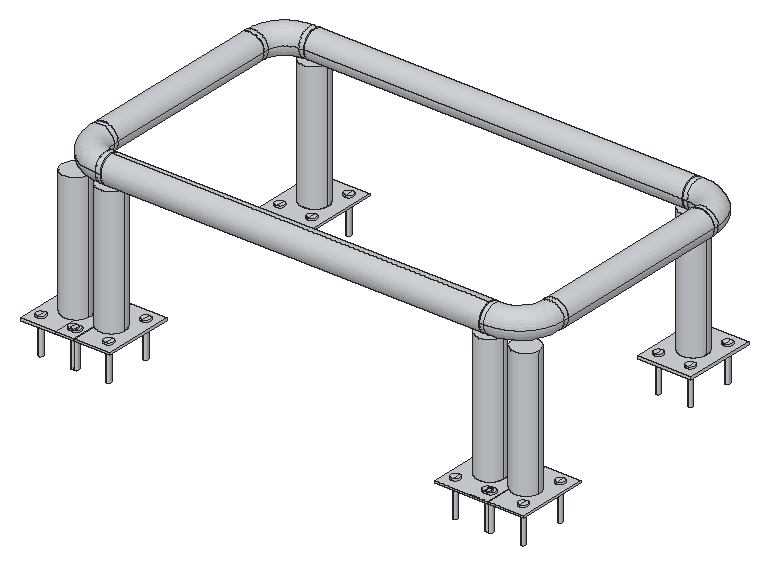
Revit family "АВЛН_Колесоотбойник", category Каркас несущий, Revit 2019
Family settings
  Округление длины несущего каркаса = 0 мм
  Форма сечения = Не задано
  Материал для поведения модели = Прочее
  Всегда экспортировать в виде геометрии = Нет
  На основе рабочей плоскости = Нет
  Всегда вертикально = Да
  При загрузке вырезать с полостями = Нет
  Условное обозначение = Из семейства
  Общий = Нет
  Показывать семейство разрезанным на планах = Да
Parameters (values of type "Тип_колесоотб._ 1300*750")
  Ширина вспомогательная = ADSK_Размер_Ширина - r.профиля  # 712 mm
  Соединительная деталь право верх = yes
  Соединительная деталь право = yes
  Соединительная деталь лево верх = yes
  Соединительная деталь лево = yes
  Профиль право = yes
  Профиль низ = yes
  Профиль лево = yes
  Профиль верх = yes
  Ось право = no
  Ось низ = yes
  Ось лево = yes
  Ось верх = no
  Опора тип 6 = yes
  Опора тип 1 = no
  Опора право = yes
  Опора лево = yes
  Опора верх право = yes
  Опора верх лево = yes
  Длина вспомогательная = ADSK_Размер_Длина - r.профиля  # 1262 mm
  Группа модели = "Колесоотбойник"
  Высота вспомогательная = ADSK_Размер_Высота - r.профиля  # 362 mm
  r.профиля = 38 mm  # constant formula
  ADSK_Размер_Ширина = 750 mm
  ADSK_Размер_Длина = 1300 mm
  ADSK_Размер_Диаметр [instance] = r.профиля * 2  # 76 mm
  ADSK_Размер_Высота = 400 mm
Types (11, lengths in mm): name | Ширина вспомогательная | Соединительная деталь право верх | Соединительная деталь право | Соединительная деталь лево верх | Соединительная деталь лево | Профиль право | Профиль низ | Профиль лево | Профиль верх | Ось право | Ось низ | Ось лево | Опора тип 6 | Опора тип 1 | Опора право | Опора лево | Опора верх право | Опора верх лево | Длина вспомогательная | Группа модели | Высота вспомогательная | ADSK_Размер_Ширина | ADSK_Размер_Длина | ADSK_Размер_Высота
  Тип 1 | 1300 | no | no | no | no | no | yes | no | no | no | yes | yes | no | yes | no | no | no | no | 3000 | 0 | 84 | 1338 | 3038 | 122
  Тип 2 | 1462 | yes | yes | yes | yes | yes | yes | yes | yes | no | yes | yes | no | no | yes | yes | yes | yes | 2462 | 0 | 362 | 1500 | 2500 | 400
  Тип 3 | 1300 | yes | yes | yes | yes | yes | yes | yes | no | no | yes | yes | no | no | yes | yes | yes | yes | 3000 | 0 | 362 | 1338 | 3038 | 400
  Тип 6 | 1300 | no | no | yes | yes | no | yes | yes | no | no | yes | yes | no | no | no | yes | no | yes | 3000 | 0 | 362 | 1338 | 3038 | 400
  Тип 6(Зеркальный) | 1300 | no | yes | no | no | yes | yes | no | no | yes | yes | no | no | no | yes | yes | no | no | 3000 | 0 | 357 | 1338 | 3038 | 395
  Тип_колесоотб._ 1300*750 П-образный | 712 | yes | no | yes | yes | yes | no | yes | yes | no | yes | yes | no | no | no | yes | yes | yes | 1262 | "Колесоотбойник" | 362 | 750 | 1300 | 400
  Тип_колесоотб._ 1300*750 угловой | 712 | no | no | yes | yes | no | yes | yes | no | no | yes | yes | no | no | yes | yes | no | yes | 1262 | "Колесоотбойник" | 362 | 750 | 1300 | 400
  Тип_колесоотб._прямой_2500 2 | 1300 | no | no | no | no | no | no | no | no | no | yes | yes | no | yes | no | no | no | no | 1958 | "Колесоотбойник" | 82 | 1338 | 1996 | 120
  Тип_колесоотб._прямой_2000 | 1298 | no | no | no | no | no | no | no | no | no | yes | no | no | yes | no | no | no | no | 1458 | "Колесоотбойник" | 82 | 1336 | 1496 | 120
  Тип_колесоотб._ 1300*750 | 712 | yes | yes | yes | yes | yes | yes | yes | yes | no | yes | yes | yes | no | yes | yes | yes | yes | 1262 | "Колесоотбойник" | 362 | 750 | 1300 | 400
  Тип 1 1000мм | 1300 | no | no | no | no | no | yes | no | no | no | no | no | no | yes | no | no | no | no | 962 | 0 | 112 | 1338 | 1000 | 150
Reference planes
  plane 1 "По центру (Вперед/Назад)": y = 0
  plane 2: z = 0
  plane 3 "По центру (Влево/Вправо)": x = 0
  plane 4: x = -631
  plane 5: x = 631
  plane 6: y = 712
  plane 7: x = -531
  plane 8: x = 531
  plane 9: y = 612
  plane 10: y = 100
  plane 11: z = 400
  plane 12: x = -901
  plane 13: x = 901
Lines and regions (mm)
  symbolic lines, style "Осевые линии", visible <- "Ось верх"
    curve 1: line (-781, 712, 0) -> (781, 712, 0)
  symbolic lines, style "Осевые линии", visible <- "Ось низ"
    curve 2: line (-781, 0, 0) -> (781, 0, 0)
  symbolic lines, style "Осевые линии", visible <- "Ось лево"
    curve 3: line (-631, -150, 0) -> (-631, 862, 0)
  symbolic lines, style "Осевые линии", visible <- "Ось право"
    curve 4: line (631, -150, 0) -> (631, 862, 0)
Dimensions and locks
  equal spacing: plane 4, plane 3 "По центру (Влево/Вправо)", plane 5
  "Длина вспомогательная": plane 4 to plane 5
  "Ширина вспомогательная": plane 6 to plane 1 "По центру (Вперед/Назад)"
  locked: plane 4 to plane 7 at 100
  locked: plane 8 to plane 5 at 100
  locked: plane 10 to plane 1 "По центру (Вперед/Назад)" at 100
  "ADSK_Размер_Высота": level to plane 11
  locked: plane 5 to curve 1 at 150
  locked: curve 1 to plane 4 at 150
  locked: plane 5 to curve 2 at 150
  locked: curve 2 to plane 4 at 150
  locked: curve 3 to plane 1 "По центру (Вперед/Назад)" at 150
  locked: curve 3 to plane 6 at 150
  locked: curve 1 to curve 4 at 150
  locked: curve 4 to plane 1 "По центру (Вперед/Назад)" at 150
  locked: plane 5 to plane 13 at 270
  locked: plane 12 to plane 4 at 270
  locked: plane 6 to plane 9 at 100
  aligned and locked: level to plane 2
  aligned and locked: nested 1 to plane 6
  aligned and locked: plane 6 to nested 7
  aligned and locked: plane 6 to nested 8
  aligned and locked: nested 2 to plane 6
  aligned and locked: plane 1 "По центру (Вперед/Назад)" to nested 13
  aligned and locked: nested 19 to plane 1 "По центру (Вперед/Назад)"
  aligned and locked: nested 28 to plane 5
  aligned and locked: plane 6 to nested 28
  aligned and locked: nested 27 to plane 1 "По центру (Вперед/Назад)"
  aligned and locked: plane 5 to nested 27
  aligned and locked: plane 1 "По центру (Вперед/Назад)" to nested 26
  aligned and locked: plane 4 to nested 26
  aligned and locked: nested 25 to plane 4
  aligned and locked: nested 25 to plane 6
  aligned and locked: nested 29 to plane 1 "По центру (Вперед/Назад)"
  aligned and locked: plane 4 to nested 29
  aligned and locked: plane 1 "По центру (Вперед/Назад)" to nested 30
  aligned and locked: plane 5 to nested 30
  aligned and locked: curve 1 to plane 6
  aligned and locked: plane 1 "По центру (Вперед/Назад)" to curve 2
  aligned and locked: plane 4 to curve 3
  aligned and locked: plane 5 to curve 4
  aligned and locked: plane 1 "По центру (Вперед/Назад)" to nested 31
  aligned and locked: plane 9 to nested 32
  aligned and locked: nested 32 to plane 5
  aligned and locked: plane 8 to nested 33
  aligned and locked: plane 6 to nested 33
  aligned and locked: plane 9 to nested 34
  aligned and locked: nested 34 to plane 4
  aligned and locked: nested 33 to plane 11
  aligned and locked: nested 31 to plane 11
  aligned and locked: nested 34 to plane 11
  aligned and locked: nested 32 to plane 11
  aligned and locked: plane 13 to nested 35
  aligned and locked: nested 35 to plane 1 "По центру (Вперед/Назад)"
  aligned and locked: plane 8 to nested 31
  aligned and locked: plane 11 to nested 27
  aligned and locked: nested 35 to plane 11
  aligned and locked: plane 7 to nested 1
  aligned and locked: plane 8 to nested 7
  aligned and locked: plane 8 to nested 19
  aligned and locked: plane 7 to nested 13
Nested families
  nested 1: "Соединительны элементы" at (-531, 712, 0), visible <- "Опора верх лево", Высота поры <- "ADSK_Размер_Высота", Высота <- "ADSK_Размер_Высота", Диаметр <- "ADSK_Размер_Диаметр", type "Опора тип 1"
    with Диаметр 76 mm, Высота поры 362 mm, Высота 400 mm
  nested 2: "Опорная пластина-Ог" at (-531, 712, 0), type "Опорная пластина"
    with Ширина 150 mm, Толщина 6 mm, Высота 200 mm, ADSK_Этаж "", ADSK_Размер_Ширина 150 mm, ADSK_Размер_Толщина 6 mm, ADSK_Размер_Длина 200 mm, ADSK_Размер_Высота 200 mm, ADSK_Позиция "", ADSK_Обозначение "ГОСТ 19903-74", ADSK_Номер секции "", ADSK_Наименование "Лист", ADSK_Масса погонного метра 78.5, ADSK_Масса 2.355, ADSK_Марка "", ADSK_Группирование ""
  nested 3: "Дюбель-Ог2" at (-576, 647, 8) x (0, 0, -1) z (0, -1, 0), type "Дюбель"
    with Этаж 0, ADSK_Этаж "", ADSK_Размер_Длина 100 mm, ADSK_Размер_Диаметр 12 mm, ADSK_Номер секции "", ADSK_Наименование "Анкер", ADSK_Масса погонного метра 0.9, ADSK_Масса 0.09, ADSK_Марка "", ADSK_Группирование ""
  nested 4: "Дюбель-Ог2" at (-486, 647, 8) x (0, 0, -1) z (0, -1, 0), type "Дюбель"
    with Этаж 0, ADSK_Этаж "", ADSK_Размер_Длина 100 mm, ADSK_Размер_Диаметр 12 mm, ADSK_Номер секции "", ADSK_Наименование "Анкер", ADSK_Масса погонного метра 0.9, ADSK_Масса 0.09, ADSK_Марка "", ADSK_Группирование ""
  nested 5: "Дюбель-Ог2" at (-576, 777, 8) x (0, 0, -1) z (0, -1, 0), type "Дюбель"
    with Этаж 0, ADSK_Этаж "", ADSK_Размер_Длина 100 mm, ADSK_Размер_Диаметр 12 mm, ADSK_Номер секции "", ADSK_Наименование "Анкер", ADSK_Масса погонного метра 0.9, ADSK_Масса 0.09, ADSK_Марка "", ADSK_Группирование ""
  nested 6: "Дюбель-Ог2" at (-486, 777, 8) x (0, 0, -1) z (0, -1, 0), type "Дюбель"
    with Этаж 0, ADSK_Этаж "", ADSK_Размер_Длина 100 mm, ADSK_Размер_Диаметр 12 mm, ADSK_Номер секции "", ADSK_Наименование "Анкер", ADSK_Масса погонного метра 0.9, ADSK_Масса 0.09, ADSK_Марка "", ADSK_Группирование ""
  nested 7: "Соединительны элементы" at (531, 712, 0) x (-1, 0, 0) z (0, 0, 1), visible <- "Опора верх право", Высота поры <- "ADSK_Размер_Высота", Диаметр <- "ADSK_Размер_Диаметр", Высота <- "ADSK_Размер_Высота", type "Опора тип 1"
    with Диаметр 76 mm, Высота поры 362 mm, Высота 400 mm
  nested 8: "Опорная пластина-Ог" at (531, 712, 0) x (-1, 0, 0) z (0, 0, 1), type "Опорная пластина"
    with Ширина 150 mm, Толщина 6 mm, Высота 200 mm, ADSK_Этаж "", ADSK_Размер_Ширина 150 mm, ADSK_Размер_Толщина 6 mm, ADSK_Размер_Длина 200 mm, ADSK_Размер_Высота 200 mm, ADSK_Позиция "", ADSK_Обозначение "ГОСТ 19903-74", ADSK_Номер секции "", ADSK_Наименование "Лист", ADSK_Масса погонного метра 78.5, ADSK_Масса 2.355, ADSK_Марка "", ADSK_Группирование ""
  nested 9: "Дюбель-Ог2" at (576, 647, 8) x (0, 0, -1) z (0, -1, 0), type "Дюбель"
    with Этаж 0, ADSK_Этаж "", ADSK_Размер_Длина 100 mm, ADSK_Размер_Диаметр 12 mm, ADSK_Номер секции "", ADSK_Наименование "Анкер", ADSK_Масса погонного метра 0.9, ADSK_Масса 0.09, ADSK_Марка "", ADSK_Группирование ""
  nested 10: "Дюбель-Ог2" at (486, 647, 8) x (0, 0, -1) z (0, -1, 0), type "Дюбель"
    with Этаж 0, ADSK_Этаж "", ADSK_Размер_Длина 100 mm, ADSK_Размер_Диаметр 12 mm, ADSK_Номер секции "", ADSK_Наименование "Анкер", ADSK_Масса погонного метра 0.9, ADSK_Масса 0.09, ADSK_Марка "", ADSK_Группирование ""
  nested 11: "Дюбель-Ог2" at (576, 777, 8) x (0, 0, -1) z (0, -1, 0), type "Дюбель"
    with Этаж 0, ADSK_Этаж "", ADSK_Размер_Длина 100 mm, ADSK_Размер_Диаметр 12 mm, ADSK_Номер секции "", ADSK_Наименование "Анкер", ADSK_Масса погонного метра 0.9, ADSK_Масса 0.09, ADSK_Марка "", ADSK_Группирование ""
  nested 12: "Дюбель-Ог2" at (486, 777, 8) x (0, 0, -1) z (0, -1, 0), type "Дюбель"
    with Этаж 0, ADSK_Этаж "", ADSK_Размер_Длина 100 mm, ADSK_Размер_Диаметр 12 mm, ADSK_Номер секции "", ADSK_Наименование "Анкер", ADSK_Масса погонного метра 0.9, ADSK_Масса 0.09, ADSK_Марка "", ADSK_Группирование ""
  nested 13: "Соединительны элементы" at (-531, 0, 0), visible <- "Опора лево", Высота поры <- "ADSK_Размер_Высота", Высота <- "ADSK_Размер_Высота", Диаметр <- "ADSK_Размер_Диаметр", type "Опора тип 1"
    with Диаметр 76 mm, Высота поры 362 mm, Высота 400 mm
  nested 14: "Опорная пластина-Ог" at (-531, 0, 0), type "Опорная пластина"
    with Ширина 150 mm, Толщина 6 mm, Высота 200 mm, ADSK_Этаж "", ADSK_Размер_Ширина 150 mm, ADSK_Размер_Толщина 6 mm, ADSK_Размер_Длина 200 mm, ADSK_Размер_Высота 200 mm, ADSK_Позиция "", ADSK_Обозначение "ГОСТ 19903-74", ADSK_Номер секции "", ADSK_Наименование "Лист", ADSK_Масса погонного метра 78.5, ADSK_Масса 2.355, ADSK_Марка "", ADSK_Группирование ""
  nested 15: "Дюбель-Ог2" at (-576, -65, 8) x (0, 0, -1) z (0, -1, 0), type "Дюбель"
    with Этаж 0, ADSK_Этаж "", ADSK_Размер_Длина 100 mm, ADSK_Размер_Диаметр 12 mm, ADSK_Номер секции "", ADSK_Наименование "Анкер", ADSK_Масса погонного метра 0.9, ADSK_Масса 0.09, ADSK_Марка "", ADSK_Группирование ""
  nested 16: "Дюбель-Ог2" at (-486, -65, 8) x (0, 0, -1) z (0, -1, 0), type "Дюбель"
    with Этаж 0, ADSK_Этаж "", ADSK_Размер_Длина 100 mm, ADSK_Размер_Диаметр 12 mm, ADSK_Номер секции "", ADSK_Наименование "Анкер", ADSK_Масса погонного метра 0.9, ADSK_Масса 0.09, ADSK_Марка "", ADSK_Группирование ""
  nested 17: "Дюбель-Ог2" at (-576, 65, 8) x (0, 0, -1) z (0, -1, 0), type "Дюбель"
    with Этаж 0, ADSK_Этаж "", ADSK_Размер_Длина 100 mm, ADSK_Размер_Диаметр 12 mm, ADSK_Номер секции "", ADSK_Наименование "Анкер", ADSK_Масса погонного метра 0.9, ADSK_Масса 0.09, ADSK_Марка "", ADSK_Группирование ""
  nested 18: "Дюбель-Ог2" at (-486, 65, 8) x (0, 0, -1) z (0, -1, 0), type "Дюбель"
    with Этаж 0, ADSK_Этаж "", ADSK_Размер_Длина 100 mm, ADSK_Размер_Диаметр 12 mm, ADSK_Номер секции "", ADSK_Наименование "Анкер", ADSK_Масса погонного метра 0.9, ADSK_Масса 0.09, ADSK_Марка "", ADSK_Группирование ""
  nested 19: "Соединительны элементы" at (531, 0, 0) x (-1, 0, 0) z (0, 0, 1), visible <- "Опора право", Высота поры <- "ADSK_Размер_Высота", Высота <- "ADSK_Размер_Высота", Диаметр <- "ADSK_Размер_Диаметр", type "Опора тип 1"
    with Диаметр 76 mm, Высота поры 362 mm, Высота 400 mm
  nested 20: "Опорная пластина-Ог" at (531, 0, 0) x (-1, 0, 0) z (0, 0, 1), type "Опорная пластина"
    with Ширина 150 mm, Толщина 6 mm, Высота 200 mm, ADSK_Этаж "", ADSK_Размер_Ширина 150 mm, ADSK_Размер_Толщина 6 mm, ADSK_Размер_Длина 200 mm, ADSK_Размер_Высота 200 mm, ADSK_Позиция "", ADSK_Обозначение "ГОСТ 19903-74", ADSK_Номер секции "", ADSK_Наименование "Лист", ADSK_Масса погонного метра 78.5, ADSK_Масса 2.355, ADSK_Марка "", ADSK_Группирование ""
  nested 21: "Дюбель-Ог2" at (576, -65, 8) x (0, 0, -1) z (0, -1, 0), type "Дюбель"
    with Этаж 0, ADSK_Этаж "", ADSK_Размер_Длина 100 mm, ADSK_Размер_Диаметр 12 mm, ADSK_Номер секции "", ADSK_Наименование "Анкер", ADSK_Масса погонного метра 0.9, ADSK_Масса 0.09, ADSK_Марка "", ADSK_Группирование ""
  nested 22: "Дюбель-Ог2" at (486, -65, 8) x (0, 0, -1) z (0, -1, 0), type "Дюбель"
    with Этаж 0, ADSK_Этаж "", ADSK_Размер_Длина 100 mm, ADSK_Размер_Диаметр 12 mm, ADSK_Номер секции "", ADSK_Наименование "Анкер", ADSK_Масса погонного метра 0.9, ADSK_Масса 0.09, ADSK_Марка "", ADSK_Группирование ""
  nested 23: "Дюбель-Ог2" at (576, 65, 8) x (0, 0, -1) z (0, -1, 0), type "Дюбель"
    with Этаж 0, ADSK_Этаж "", ADSK_Размер_Длина 100 mm, ADSK_Размер_Диаметр 12 mm, ADSK_Номер секции "", ADSK_Наименование "Анкер", ADSK_Масса погонного метра 0.9, ADSK_Масса 0.09, ADSK_Марка "", ADSK_Группирование ""
  nested 24: "Дюбель-Ог2" at (486, 65, 8) x (0, 0, -1) z (0, -1, 0), type "Дюбель"
    with Этаж 0, ADSK_Этаж "", ADSK_Размер_Длина 100 mm, ADSK_Размер_Диаметр 12 mm, ADSK_Номер секции "", ADSK_Наименование "Анкер", ADSK_Масса погонного метра 0.9, ADSK_Масса 0.09, ADSK_Марка "", ADSK_Группирование ""
  nested 25: "Соединительны элементы" at (-588.882, 669.95, 38) x (-1, 0, 0) z (0, 0, 1), visible <- "Соединительная деталь лево верх", Высота поры <- "ADSK_Размер_Высота", Высота <- "ADSK_Размер_Высота", Диаметр <- "ADSK_Размер_Диаметр", type "Соединительная деталь"
    with Диаметр 76 mm, Высота поры 362 mm, Высота 400 mm
  nested 26: "Соединительны элементы" at (-588.95, 42.118, 38) x (0, -1, 0) z (0, 0, 1), visible <- "Соединительная деталь лево", Высота поры <- "ADSK_Размер_Высота", Высота <- "ADSK_Размер_Высота", Диаметр <- "ADSK_Размер_Диаметр", type "Соединительная деталь"
    with Диаметр 76 mm, Высота поры 362 mm, Высота 400 mm
  nested 27: "Соединительны элементы" at (588.882, 42.05, 38), visible <- "Соединительная деталь право", Высота поры <- "ADSK_Размер_Высота", Высота <- "ADSK_Размер_Высота", Диаметр <- "ADSK_Размер_Диаметр", type "Соединительная деталь"
    with Диаметр 76 mm, Высота поры 362 mm, Высота 400 mm
  nested 28: "Соединительны элементы" at (588.95, 669.882, 38) x (0, 1, 0) z (0, 0, 1), visible <- "Соединительная деталь право верх", Высота поры <- "ADSK_Размер_Высота", Высота <- "ADSK_Размер_Высота", Диаметр <- "ADSK_Размер_Диаметр", type "Соединительная деталь"
    with Диаметр 76 mm, Высота поры 362 mm, Высота 400 mm
  nested 29: "Соединительны элементы" at (-631, 0, 0) x (-1, 0, 0) z (0, 0, 1), visible <- "Опора тип 1", Высота поры <- "ADSK_Размер_Высота", Высота <- "ADSK_Размер_Высота", Диаметр <- "ADSK_Размер_Диаметр", type "Опора тип 1"
    with Диаметр 76 mm, Высота поры 362 mm, Высота 400 mm
  nested 30: "Соединительны элементы" at (631, 0, 0), visible <- "Опора тип 1", Высота <- "ADSK_Размер_Высота", Диаметр <- "ADSK_Размер_Диаметр", type "Опора тип 1"
    with Диаметр 76 mm, Высота поры 362 mm, Высота 400 mm
  nested 31: "Труба" at (-531, 0, 400) x (0, 0, -1) z (1, 0, 0), visible <- "Профиль низ", type "Труба Круглая"
    with Ширина 0 mm, Высота 0 mm, ADSK_Этаж "", ADSK_Размер_Ширина 0 mm, ADSK_Размер_Длина 1062 mm, ADSK_Размер_Диаметр 76 mm, ADSK_Позиция "", ADSK_Обозначение "ГОСТ 8732-78", ADSK_Номер секции "", ADSK_Наименование "Труба круглого сечения", ADSK_Масса погонного метра 5.4, ADSK_Масса 5.7348, ADSK_Марка "", ADSK_Группирование ""
  nested 32: "Труба" at (631, 100, 400) x (-1, 0, 0) z (0, 1, 0), visible <- "Профиль право", type "Труба Круглая"
    with Ширина 0 mm, Высота 0 mm, ADSK_Этаж "", ADSK_Размер_Ширина 0 mm, ADSK_Размер_Длина 512 mm, ADSK_Размер_Диаметр 76 mm, ADSK_Позиция "", ADSK_Обозначение "ГОСТ 8732-78", ADSK_Номер секции "", ADSK_Наименование "Труба круглого сечения", ADSK_Масса погонного метра 5.4, ADSK_Масса 2.7648, ADSK_Марка "", ADSK_Группирование ""
  nested 33: "Труба" at (-531, 712, 400) x (0, 1, 0) z (1, 0, 0), visible <- "Профиль верх", built-in parameter 1001360 <- "ADSK_Размер_Высота", type "Труба Круглая"
    with Ширина 0 mm, Высота 0 mm, ADSK_Этаж "", ADSK_Размер_Ширина 0 mm, ADSK_Размер_Длина 1062 mm, ADSK_Размер_Диаметр 76 mm, ADSK_Позиция "", ADSK_Обозначение "ГОСТ 8732-78", ADSK_Номер секции "", ADSK_Наименование "Труба круглого сечения", ADSK_Масса погонного метра 5.4, ADSK_Масса 5.7348, ADSK_Марка "", ADSK_Группирование ""
  nested 34: "Труба" at (-631, 100, 400) x (-1, 0, 0) z (0, 1, 0), visible <- "Профиль лево", type "Труба Круглая"
    with Ширина 0 mm, Высота 0 mm, ADSK_Этаж "", ADSK_Размер_Ширина 0 mm, ADSK_Размер_Длина 512 mm, ADSK_Размер_Диаметр 76 mm, ADSK_Позиция "", ADSK_Обозначение "ГОСТ 8732-78", ADSK_Номер секции "", ADSK_Наименование "Труба круглого сечения", ADSK_Масса погонного метра 5.4, ADSK_Масса 2.7648, ADSK_Марка "", ADSK_Группирование ""
  nested 35: "Труба" at (-901, 0, 400) x (0, 1, 0) z (1, 0, 0), visible <- "Опора тип 1", type "Труба Круглая"
    with Ширина 0 mm, Высота 0 mm, ADSK_Этаж "", ADSK_Размер_Ширина 0 mm, ADSK_Размер_Длина 1802 mm, ADSK_Размер_Диаметр 76 mm, ADSK_Позиция "", ADSK_Обозначение "ГОСТ 8732-78", ADSK_Номер секции "", ADSK_Наименование "Труба круглого сечения", ADSK_Масса погонного метра 5.4, ADSK_Масса 9.7308, ADSK_Марка "", ADSK_Группирование ""
  nested 36: "Отвод" at (-588.882, 669.95, 40.85) x (-1, 0, 0) z (0, 0, 1), type "Отвод"
    with ADSK_Этаж "", ADSK_Размер_Длина 0 mm, ADSK_Размер_Диаметр 76 mm, ADSK_Позиция "", ADSK_Обозначение "ГОСТ 17375-2001", ADSK_Номер секции "", ADSK_Наименование "Отвод круглого сечения 90", ADSK_Материал обозначение "", ADSK_Масса погонного метра 0, ADSK_Масса 0.8
  nested 37: "Отвод" at (-588.95, 42.118, 40.85) x (0, -1, 0) z (0, 0, 1), type "Отвод"
    with ADSK_Этаж "", ADSK_Размер_Длина 0 mm, ADSK_Размер_Диаметр 76 mm, ADSK_Позиция "", ADSK_Обозначение "ГОСТ 17375-2001", ADSK_Номер секции "", ADSK_Наименование "Отвод круглого сечения 90", ADSK_Материал обозначение "", ADSK_Масса погонного метра 0, ADSK_Масса 0.8
  nested 38: "Отвод" at (588.882, 42.05, 40.85), type "Отвод"
    with ADSK_Этаж "", ADSK_Размер_Длина 0 mm, ADSK_Размер_Диаметр 76 mm, ADSK_Позиция "", ADSK_Обозначение "ГОСТ 17375-2001", ADSK_Номер секции "", ADSK_Наименование "Отвод круглого сечения 90", ADSK_Материал обозначение "", ADSK_Масса погонного метра 0, ADSK_Масса 0.8
  nested 39: "Отвод" at (588.95, 669.882, 40.85) x (0, 1, 0) z (0, 0, 1), type "Отвод"
    with ADSK_Этаж "", ADSK_Размер_Длина 0 mm, ADSK_Размер_Диаметр 76 mm, ADSK_Позиция "", ADSK_Обозначение "ГОСТ 17375-2001", ADSK_Номер секции "", ADSK_Наименование "Отвод круглого сечения 90", ADSK_Материал обозначение "", ADSK_Масса погонного метра 0, ADSK_Масса 0.8
  nested 40: "Опорная пластина-Ог" at (-631, 0, 0) x (-1, 0, 0) z (0, 0, 1), type "Опорная пластина"
    with Ширина 150 mm, Толщина 6 mm, Высота 200 mm, ADSK_Этаж "", ADSK_Размер_Ширина 150 mm, ADSK_Размер_Толщина 6 mm, ADSK_Размер_Длина 200 mm, ADSK_Размер_Высота 200 mm, ADSK_Позиция "", ADSK_Обозначение "ГОСТ 19903-74", ADSK_Номер секции "", ADSK_Наименование "Лист", ADSK_Масса погонного метра 78.5, ADSK_Масса 2.355, ADSK_Марка "", ADSK_Группирование ""
  nested 41: "Дюбель-Ог2" at (-586, -65, 8) x (0, 0, -1) z (0, -1, 0), type "Дюбель"
    with Этаж 0, ADSK_Этаж "", ADSK_Размер_Длина 100 mm, ADSK_Размер_Диаметр 12 mm, ADSK_Номер секции "", ADSK_Наименование "Анкер", ADSK_Масса погонного метра 0.9, ADSK_Масса 0.09, ADSK_Марка "", ADSK_Группирование ""
  nested 42: "Дюбель-Ог2" at (-676, -65, 8) x (0, 0, -1) z (0, -1, 0), type "Дюбель"
    with Этаж 0, ADSK_Этаж "", ADSK_Размер_Длина 100 mm, ADSK_Размер_Диаметр 12 mm, ADSK_Номер секции "", ADSK_Наименование "Анкер", ADSK_Масса погонного метра 0.9, ADSK_Масса 0.09, ADSK_Марка "", ADSK_Группирование ""
  nested 43: "Дюбель-Ог2" at (-586, 65, 8) x (0, 0, -1) z (0, -1, 0), type "Дюбель"
    with Этаж 0, ADSK_Этаж "", ADSK_Размер_Длина 100 mm, ADSK_Размер_Диаметр 12 mm, ADSK_Номер секции "", ADSK_Наименование "Анкер", ADSK_Масса погонного метра 0.9, ADSK_Масса 0.09, ADSK_Марка "", ADSK_Группирование ""
  nested 44: "Дюбель-Ог2" at (-676, 65, 8) x (0, 0, -1) z (0, -1, 0), type "Дюбель"
    with Этаж 0, ADSK_Этаж "", ADSK_Размер_Длина 100 mm, ADSK_Размер_Диаметр 12 mm, ADSK_Номер секции "", ADSK_Наименование "Анкер", ADSK_Масса погонного метра 0.9, ADSK_Масса 0.09, ADSK_Марка "", ADSK_Группирование ""
  nested 45: "Опорная пластина-Ог" at (631, 0, 0), type "Опорная пластина"
    with Ширина 150 mm, Толщина 6 mm, Высота 200 mm, ADSK_Этаж "", ADSK_Размер_Ширина 150 mm, ADSK_Размер_Толщина 6 mm, ADSK_Размер_Длина 200 mm, ADSK_Размер_Высота 200 mm, ADSK_Позиция "", ADSK_Обозначение "ГОСТ 19903-74", ADSK_Номер секции "", ADSK_Наименование "Лист", ADSK_Масса погонного метра 78.5, ADSK_Масса 2.355, ADSK_Марка "", ADSK_Группирование ""
  nested 46: "Дюбель-Ог2" at (586, -65, 8) x (0, 0, -1) z (0, -1, 0), type "Дюбель"
    with Этаж 0, ADSK_Этаж "", ADSK_Размер_Длина 100 mm, ADSK_Размер_Диаметр 12 mm, ADSK_Номер секции "", ADSK_Наименование "Анкер", ADSK_Масса погонного метра 0.9, ADSK_Масса 0.09, ADSK_Марка "", ADSK_Группирование ""
  nested 47: "Дюбель-Ог2" at (676, -65, 8) x (0, 0, -1) z (0, -1, 0), type "Дюбель"
    with Этаж 0, ADSK_Этаж "", ADSK_Размер_Длина 100 mm, ADSK_Размер_Диаметр 12 mm, ADSK_Номер секции "", ADSK_Наименование "Анкер", ADSK_Масса погонного метра 0.9, ADSK_Масса 0.09, ADSK_Марка "", ADSK_Группирование ""
  nested 48: "Дюбель-Ог2" at (586, 65, 8) x (0, 0, -1) z (0, -1, 0), type "Дюбель"
    with Этаж 0, ADSK_Этаж "", ADSK_Размер_Длина 100 mm, ADSK_Размер_Диаметр 12 mm, ADSK_Номер секции "", ADSK_Наименование "Анкер", ADSK_Масса погонного метра 0.9, ADSK_Масса 0.09, ADSK_Марка "", ADSK_Группирование ""
  nested 49: "Дюбель-Ог2" at (676, 65, 8) x (0, 0, -1) z (0, -1, 0), type "Дюбель"
    with Этаж 0, ADSK_Этаж "", ADSK_Размер_Длина 100 mm, ADSK_Размер_Диаметр 12 mm, ADSK_Номер секции "", ADSK_Наименование "Анкер", ADSK_Масса погонного метра 0.9, ADSK_Масса 0.09, ADSK_Марка "", ADSK_Группирование ""
  nested 50: "Труба" at (-531, 712, 0), type "Труба Круглая"
    with Ширина 0 mm, Высота 0 mm, ADSK_Этаж "", ADSK_Размер_Ширина 0 mm, ADSK_Размер_Длина 362 mm, ADSK_Размер_Диаметр 76 mm, ADSK_Позиция "", ADSK_Обозначение "ГОСТ 8732-78", ADSK_Номер секции "", ADSK_Наименование "Труба круглого сечения", ADSK_Масса погонного метра 5.4, ADSK_Масса 1.9548, ADSK_Марка "", ADSK_Группирование ""
  nested 51: "Труба" at (531, 712, 0) x (-1, 0, 0) z (0, 0, 1), type "Труба Круглая"
    with Ширина 0 mm, Высота 0 mm, ADSK_Этаж "", ADSK_Размер_Ширина 0 mm, ADSK_Размер_Длина 362 mm, ADSK_Размер_Диаметр 76 mm, ADSK_Позиция "", ADSK_Обозначение "ГОСТ 8732-78", ADSK_Номер секции "", ADSK_Наименование "Труба круглого сечения", ADSK_Масса погонного метра 5.4, ADSK_Масса 1.9548, ADSK_Марка "", ADSK_Группирование ""
  nested 52: "Труба" at (-531, 0, 0), type "Труба Круглая"
    with Ширина 0 mm, Высота 0 mm, ADSK_Этаж "", ADSK_Размер_Ширина 0 mm, ADSK_Размер_Длина 362 mm, ADSK_Размер_Диаметр 76 mm, ADSK_Позиция "", ADSK_Обозначение "ГОСТ 8732-78", ADSK_Номер секции "", ADSK_Наименование "Труба круглого сечения", ADSK_Масса погонного метра 5.4, ADSK_Масса 1.9548, ADSK_Марка "", ADSK_Группирование ""
  nested 53: "Труба" at (531, 0, 0) x (-1, 0, 0) z (0, 0, 1), type "Труба Круглая"
    with Ширина 0 mm, Высота 0 mm, ADSK_Этаж "", ADSK_Размер_Ширина 0 mm, ADSK_Размер_Длина 362 mm, ADSK_Размер_Диаметр 76 mm, ADSK_Позиция "", ADSK_Обозначение "ГОСТ 8732-78", ADSK_Номер секции "", ADSK_Наименование "Труба круглого сечения", ADSK_Масса погонного метра 5.4, ADSK_Масса 1.9548, ADSK_Марка "", ADSK_Группирование ""
  nested 54: "Труба" at (-631, 0, 0) x (-1, 0, 0) z (0, 0, 1), type "Труба Круглая"
    with Ширина 0 mm, Высота 0 mm, ADSK_Этаж "", ADSK_Размер_Ширина 0 mm, ADSK_Размер_Длина 362 mm, ADSK_Размер_Диаметр 76 mm, ADSK_Позиция "", ADSK_Обозначение "ГОСТ 8732-78", ADSK_Номер секции "", ADSK_Наименование "Труба круглого сечения", ADSK_Масса погонного метра 5.4, ADSK_Масса 1.9548, ADSK_Марка "", ADSK_Группирование ""
  nested 55: "Труба" at (631, 0, 0), type "Труба Круглая"
    with Ширина 0 mm, Высота 0 mm, ADSK_Этаж "", ADSK_Размер_Ширина 0 mm, ADSK_Размер_Длина 362 mm, ADSK_Размер_Диаметр 76 mm, ADSK_Позиция "", ADSK_Обозначение "ГОСТ 8732-78", ADSK_Номер секции "", ADSK_Наименование "Труба круглого сечения", ADSK_Масса погонного метра 5.4, ADSK_Масса 1.9548, ADSK_Марка "", ADSK_Группирование ""
Definition of nested family "Соединительны элементы"
  Parameters (values of type "Соединительная деталь")
    Соединительная деталь = yes
    Опора = no
    Крепеж = no
    Диаметр [instance] = 76 mm
    Высота поры [instance] = Высота - Диаметр / 2  # 162 mm
    Высота [instance] = 200 mm
  Types (2, lengths in mm): name | Соединительная деталь | Опора | Крепеж | Высота поры | Высота
    Опора тип 1 | no | yes | yes | 462 | 500
    Соединительная деталь | yes | no | no | 162 | 200
  Reference planes
    plane 1 "По центру (Вперед/Назад)": y = 0
    plane 2: z = 0
    plane 3 "По центру (Влево/Вправо)": x = 0
    plane 4: z = 162
    plane 5: x = 42.118
    plane 6: y = -42.05
  Forms (mm)
    Extrusion 1, solid, visible <- "Крепеж"
      sketch origin (0, 0, 0) x (1, 0, 0) y (0, 1, 0)
        loop
          circle (0, 0) r 38
      from 6 to 162
  Dimensions and locks
    "Высота поры": level to plane 4
    plane 6 to plane 1 "По центру (Вперед/Назад)" = 42.05 mm
    plane 3 "По центру (Влево/Вправо)" to plane 5 = 42.118 mm
    nested 4 to plane 3 "По центру (Влево/Вправо)" to nested 5 = 45 mm, 45 mm
    nested 2 to plane 1 "По центру (Вперед/Назад)" to nested 4 = 65 mm, 65 mm
    nested 2 to plane 3 "По центру (Влево/Вправо)" to nested 3 = 45 mm, 45 mm
    nested 3 to plane 1 "По центру (Вперед/Назад)" to nested 5 = 65 mm, 65 mm
    aligned and locked: level to plane 2
    aligned and locked: nested 1 to level
    aligned and locked: plane 4 to Extrusion 1
    aligned and locked: Extrusion 1 to nested 1
    aligned and locked: plane 4 to nested 6
    aligned and locked: plane 1 "По центру (Вперед/Назад)" to nested 6
    aligned and locked: plane 3 "По центру (Влево/Вправо)" to nested 6
    aligned and locked: plane 4 to nested 7
  Automatic sketch dimensions
    plane 1 "По центру (Вперед/Назад)" to Extrusion 1 sketch curve = 0 mm
    Extrusion 1 sketch curve to plane 3 "По центру (Влево/Вправо)" = 0 mm
    radius of Extrusion 1 sketch curve = 38 mm
  Nested families
    nested 1: "Опорная пластина-Ог" at (0, 0, 0), visible <- "Крепеж", type "Опорная пластина"
      with Ширина 150 mm, Толщина 6 mm, Высота 200 mm, ADSK_Этаж "", ADSK_Размер_Ширина 150 mm, ADSK_Размер_Толщина 6 mm, ADSK_Размер_Длина 200 mm, ADSK_Размер_Высота 200 mm, ADSK_Позиция "", ADSK_Обозначение "ГОСТ 19903-74", ADSK_Номер секции "", ADSK_Наименование "Лист", ADSK_Масса погонного метра 78.5, ADSK_Масса 2.355, ADSK_Марка "", ADSK_Группирование ""
    nested 2: "Дюбель-Ог2" at (-45, -65, 8) x (0, 0, -1) z (0, -1, 0), visible <- "Крепеж", type "Дюбель"
      with Этаж 0, ADSK_Этаж "", ADSK_Размер_Длина 100 mm, ADSK_Размер_Диаметр 12 mm, ADSK_Номер секции "", ADSK_Наименование "Анкер", ADSK_Масса погонного метра 0.9, ADSK_Масса 0.09, ADSK_Марка "", ADSK_Группирование ""
    nested 3: "Дюбель-Ог2" at (45, -65, 8) x (0, 0, -1) z (0, -1, 0), visible <- "Крепеж", type "Дюбель"
      with Этаж 0, ADSK_Этаж "", ADSK_Размер_Длина 100 mm, ADSK_Размер_Диаметр 12 mm, ADSK_Номер секции "", ADSK_Наименование "Анкер", ADSK_Масса погонного метра 0.9, ADSK_Масса 0.09, ADSK_Марка "", ADSK_Группирование ""
    nested 4: "Дюбель-Ог2" at (-45, 65, 8) x (0, 0, -1) z (0, -1, 0), visible <- "Крепеж", type "Дюбель"
      with Этаж 0, ADSK_Этаж "", ADSK_Размер_Длина 100 mm, ADSK_Размер_Диаметр 12 mm, ADSK_Номер секции "", ADSK_Наименование "Анкер", ADSK_Масса погонного метра 0.9, ADSK_Масса 0.09, ADSK_Марка "", ADSK_Группирование ""
    nested 5: "Дюбель-Ог2" at (45, 65, 8) x (0, 0, -1) z (0, -1, 0), visible <- "Крепеж", type "Дюбель"
      with Этаж 0, ADSK_Этаж "", ADSK_Размер_Длина 100 mm, ADSK_Размер_Диаметр 12 mm, ADSK_Номер секции "", ADSK_Наименование "Анкер", ADSK_Масса погонного метра 0.9, ADSK_Масса 0.09, ADSK_Марка "", ADSK_Группирование ""
    nested 6: "Труба" at (0, 0, 0), ADSK_Размер_Диаметр <- "Диаметр", visible <- "Опора", type "Труба Круглая"
      with Ширина 0 mm, Высота 0 mm, ADSK_Этаж "", ADSK_Размер_Ширина 0 mm, ADSK_Размер_Длина 162 mm, ADSK_Размер_Диаметр 76 mm, ADSK_Позиция "", ADSK_Обозначение "ГОСТ 8732-78", ADSK_Номер секции "", ADSK_Наименование "Труба круглого сечения", ADSK_Масса погонного метра 5.4, ADSK_Масса 0.8748, ADSK_Марка "", ADSK_Группирование ""
    nested 7: "Отвод" at (0, 0, -197.15), visible <- "Соединительная деталь", ADSK_Размер_Диаметр <- "Диаметр", type "Отвод"
      with ADSK_Этаж "", ADSK_Размер_Длина 0 mm, ADSK_Размер_Диаметр 76 mm, ADSK_Позиция "", ADSK_Обозначение "ГОСТ 17375-2001", ADSK_Номер секции "", ADSK_Наименование "Отвод круглого сечения 90", ADSK_Материал обозначение "", ADSK_Масса погонного метра 0, ADSK_Масса 0.8
  Definition of nested family "Опорная пластина-Ог"
    Parameters (values of type "Опорная пластина")
      Ширина [instance] = 80 mm
      Толщина [instance] = 10 mm
      Default Elevation = 1219.2 mm
      О.отверстий = 20 mm
      М = none
      Model = "Элемент ограждения"  # constant formula
      Высота [instance] = 120 mm
      D.отв. = 10 mm
      ADSK_Этаж [instance] = ""
      ADSK_Размер_Ширина [instance] = Ширина  # 80 mm
      ADSK_Размер_Толщина [instance] = Толщина  # 10 mm
      ADSK_Размер_Длина [instance] = Высота  # 120 mm
      ADSK_Размер_Высота [instance] = Высота  # 120 mm
      ADSK_Позиция [instance] = ""
      ADSK_Обозначение [instance] = "ГОСТ 19903-74"  # constant formula
      ADSK_Номер секции [instance] = ""
      ADSK_Наименование [instance] = "Лист"  # constant formula
      ADSK_Материал обозначение = "С245 ГОСТ 27772-88*"  # constant formula
      ADSK_Масса погонного метра [instance] = 78.5
      ADSK_Масса [instance] = ADSK_Масса погонного метра * (Высота * Ширина) / 1.00 m²  # 0.7536
      ADSK_Марка [instance] = ""
      ADSK_Группирование [instance] = ""
    Reference planes
      plane 1 "По центру (Вперед/Назад)": y = 0
      plane 2: z = 0
      plane 3 "По центру (Влево/Вправо)": x = 0
      plane 4: x = -40
      plane 5: y = -60
      plane 6: y = 60
      plane 7: x = 40
      plane 8: z = 10
      plane 9: x = -20
      plane 10: x = 20
      plane 11: y = -40
      plane 12: y = 40
    Forms (mm)
      Extrusion 1, solid
        sketch origin (0, 0, 0) x (1, 0, 0) y (0, 1, 0)
          loop
            line (-1219.2, 1219.2) -> (-1219.2, -1219.2) -> (1219.2, -1219.2) -> (1219.2, 1219.2) -> (-1219.2, 1219.2)
        from 0 to -304.8
      Extrusion 2, solid, material <- "М"
        sketch origin (0, 0, 0) x (1, 0, 0) y (0, 1, 0)
          loop
            line (-40, 60) -> (-40, -60) -> (40, -60) -> (40, 60) -> (-40, 60)
        from 0 to 10
    Dimensions and locks
      equal spacing: plane 4, plane 3 "По центру (Влево/Вправо)", plane 7
      equal spacing: plane 6, plane 1 "По центру (Вперед/Назад)", plane 5
      "Ширина": plane 4 to plane 7
      "Высота": plane 5 to plane 6
      "Толщина": plane 8 to plane 2
      "О.отверстий": plane 4 to plane 9
      "О.отверстий": plane 10 to plane 7
      "О.отверстий": plane 12 to plane 6
      "О.отверстий": plane 11 to plane 5
      aligned and locked: plane 2 to Extrusion 1
      aligned and locked: level to Extrusion 1
      aligned and locked: Extrusion 2 sketch curve to plane 4
      aligned and locked: plane 7 to Extrusion 2 sketch curve
      aligned and locked: plane 6 to Extrusion 2 sketch curve
      aligned and locked: Extrusion 2 sketch curve to plane 5
      aligned and locked: plane 8 to Extrusion 2
    Automatic sketch dimensions
      Extrusion 1 sketch curve to Extrusion 1 sketch curve = 2438.4 mm  (x2)
  Definition of nested family "Дюбель-Ог2"
    Parameters (values of type "Дюбель")
      Этаж [instance] = 0
      Ш = 1040 mm
      Default Elevation = 1219.2 mm
      Type Comments = "3"
      Model = "Элемент ограждения"  # constant formula
      Di = 25 mm
      ADSK_Этаж [instance] = ""
      ADSK_Размер_Длина [instance] = 100 mm
      ADSK_Размер_Диаметр [instance] = 12 mm
      ADSK_Обозначение = "Koelner SA или аналог"  # constant formula
      ADSK_Номер секции [instance] = ""
      ADSK_Наименование [instance] = "Анкер"  # constant formula
      ADSK_Масса погонного метра [instance] = 0.9  # constant formula
      ADSK_Масса [instance] = ADSK_Масса погонного метра * ADSK_Размер_Длина / 1000 mm  # 0.09
      ADSK_Марка изделия = "Крепежные элементы"  # constant formula
      ADSK_Марка [instance] = ""
      ADSK_Группирование [instance] = ""
    Reference planes
      plane 1 "По центру (Вперед/Назад)": y = 0
      plane 2: z = 0
      plane 3 "По центру (Влево/Вправо)": x = 0
      plane 4: z = 12.5
      plane 5: z = -12.5
      plane 6: x = -3
      plane 7: z = 6
      plane 8: z = -6
      plane 9: x = 100
    Forms (mm)
      Revolve 1, solid
        sketch origin (0, 0, 0) x (1, 0, 0) y (0, 0, 1)
          loop
            line (-3, 0) -> (100, 0) -> (100, 6) -> (0, 6) -> (0, 12.5) -> (-3, 12.5) -> (-3, 0)
          axis (100, 0) -> (-3, 0)
        angle from 0 to 360
    Lines and regions (mm)
      symbolic lines
        curve 1: circle (0, 0, 0) r 12.5 normal (1, 0, 0)
        curve 2: line (-3, 0, -12.5) -> (-3, 0, 12.5)
        curve 3: line (-3, 0, 12.5) -> (0, 0, 12.5)
        curve 4: line (0, 0, 12.5) -> (0, 0, 0)
        curve 5: line (0, 0, 6) -> (100, 0, 6)
        curve 6: line (100, 0, 6) -> (100, 0, -6)
        curve 7: line (100, 0, -6) -> (0, 0, -6)
        curve 8: line (0, 0, 0) -> (0, 0, -12.5)
        curve 9: line (0, 0, -12.5) -> (-3, 0, -12.5)
    Dimensions and locks
      equal spacing: plane 4, level, plane 5
      "Di": plane 4 to plane 5
      plane 3 "По центру (Влево/Вправо)" to plane 6 = 3 mm
      "ADSK_Размер_Длина": plane 9 to plane 3 "По центру (Влево/Вправо)"
      equal spacing: plane 7, level, plane 8
      "ADSK_Размер_Диаметр": plane 7 to plane 8
      "Di": diameter of curve 1
      aligned and locked: level to plane 2
    Automatic sketch dimensions
      Revolve 1 sketch curve to level = 0 mm  (x2)
      Revolve 1 sketch curve to plane 6 = 0 mm
      Revolve 1 sketch curve to plane 3 "По центру (Влево/Вправо)" = 0 mm
      Revolve 1 sketch curve to plane 9 = 0 mm
      Revolve 1 sketch curve to plane 7 = 0 mm
      Revolve 1 sketch curve to plane 4 = 0 mm
      Revolve 1 sketch curve to plane 6 = 8.541 mm
      Revolve 1 sketch curve to Revolve 1 sketch curve = 4.443 mm
      curve 2 to plane 5 = 0 mm
      curve 2 to plane 6 = 0 mm
      curve 4 to plane 3 "По центру (Влево/Вправо)" = 0 mm
      curve 5 to plane 7 = 0 mm
      curve 5 to plane 9 = 0 mm
      curve 6 to plane 8 = 0 mm
      curve 4 to level = 0 mm
      curve 3 to plane 4 = 0 mm
      curve 1 to level = 0 mm
      curve 1 to plane 1 "По центру (Вперед/Назад)" = 0 mm
  Definition of nested family "Труба"
    Parameters (values of type "Труба")
      Ширина [instance] = 0 mm
      Default Elevation = 0 mm
      Model = "Элемент ограждения"  # constant formula
      Высота [instance] = 0 mm
      ADSK_Этаж [instance] = ""
      ADSK_Размер_Ширина [instance] = Ширина  # 0 mm
      ADSK_Размер_Длина [instance] = 500 mm
      ADSK_Размер_Диаметр [instance] = 78 mm
      ADSK_Позиция [instance] = ""
      ADSK_Обозначение [instance] = "ГОСТ 8732-78"  # constant formula
      ADSK_Номер секции [instance] = ""
      ADSK_Наименование [instance] = "Труба круглого сечения"  # constant formula
      ADSK_Материал обозначение = ""
      ADSK_Масса погонного метра [instance] = 5.4
      ADSK_Масса [instance] = ADSK_Масса погонного метра * (ADSK_Размер_Длина / 1000) / 1 mm  # 2.7
      ADSK_Марка [instance] = ""
      ADSK_Группирование [instance] = ""
    Reference planes
      plane 1 "По центру (Вперед/Назад)": y = 0
      plane 2: z = 0
      plane 3 "По центру (Влево/Вправо)": x = 0
      plane 4: z = 500
    Forms (mm)
      Extrusion 1, solid
        sketch origin (0, 0, 0) x (1, 0, 0) y (0, 1, 0)
          loop
            line (-1219.2, 1219.2) -> (-1219.2, -1219.2) -> (1219.2, -1219.2) -> (1219.2, 1219.2) -> (-1219.2, 1219.2)
        from 0 to -304.8
      Extrusion 2, solid
        sketch origin (0, 0, 0) x (1, 0, 0) y (0, 1, 0)
          loop
            circle (0, 0) r 39
        from 0 to 500
    Dimensions and locks
      "ADSK_Размер_Длина": plane 2 to plane 4
      "ADSK_Размер_Диаметр": diameter of Extrusion 2 sketch curve
      aligned and locked: plane 2 to Extrusion 1
      aligned and locked: level to Extrusion 1
      aligned and locked: Extrusion 2 to level
      aligned and locked: plane 4 to Extrusion 2
      aligned and locked: Extrusion 2 to plane 2
    Automatic sketch dimensions
      Extrusion 1 sketch curve to Extrusion 1 sketch curve = 2438.4 mm  (x2)
      plane 1 "По центру (Вперед/Назад)" to Extrusion 2 sketch curve = 0 mm
      Extrusion 2 sketch curve to plane 3 "По центру (Влево/Вправо)" = 0 mm
  Definition of nested family "Отвод"
    Parameters (values of type "Отвод")
      ADSK_Этаж [instance] = ""
      ADSK_Размер_Длина [instance] = 0 mm
      ADSK_Размер_Диаметр [instance] = 76 mm
      ADSK_Позиция [instance] = ""
      ADSK_Обозначение [instance] = "ГОСТ 17375-2001"  # constant formula
      ADSK_Номер секции [instance] = ""
      ADSK_Наименование [instance] = "Отвод круглого сечения 90"  # constant formula
      ADSK_Материал обозначение [instance] = ""
      ADSK_Масса погонного метра [instance] = 0
      ADSK_Масса [instance] = 0.8  # constant formula
    Reference planes
      plane 1 "По центру (Вперед/Назад)": y = 0
      plane 2: z = 0
      plane 3 "По центру (Влево/Вправо)": x = 0
    Forms (mm)
      Sweep 1, solid
        path origin (-0.165, 0, 0) x (1, 0, 0) y (0, 1, 0)
          loop
            line (-57.709, -42.05) -> (-43.909, -42.05)
            arc (-43.909, -42.05) -> (17.038, -16.805) -> (42.283, 44.142) r 86.192
            line (42.283, 44.142) -> (42.283, 57.942)
        profile origin (16.873, -16.805, 0) x (-0.707107, 0.707107, 0) y (0, 0, 1)
          loop
            circle (0, 359.15) r 38
    Dimensions and locks
      "ADSK_Размер_Диаметр": diameter of Sweep 1 sketch curve
      aligned and locked: level to plane 2
    Automatic sketch dimensions
      Sweep 1 sketch curve to plane 3 "По центру (Влево/Вправо)" = 44.074 mm
      plane 3 "По центру (Влево/Вправо)" to Sweep 1 sketch curve = 42.118 mm
      plane 1 "По центру (Вперед/Назад)" to Sweep 1 sketch curve = 42.05 mm
      Sweep 1 sketch curve to Sweep 1 sketch curve = 13.8 mm  (x2)
      Sweep 1 sketch curve to profile plane = 0 mm
      profile plane to Sweep 1 sketch curve = 359.15 mm
Definition of nested family "Опорная пластина-Ог"
  Parameters (values of type "Опорная пластина")
    Ширина [instance] = 80 mm
    Толщина [instance] = 10 mm
    Default Elevation = 1219.2 mm
    О.отверстий = 20 mm
    М = none
    Model = "Элемент ограждения"  # constant formula
    Высота [instance] = 120 mm
    D.отв. = 10 mm
    ADSK_Этаж [instance] = ""
    ADSK_Размер_Ширина [instance] = Ширина  # 80 mm
    ADSK_Размер_Толщина [instance] = Толщина  # 10 mm
    ADSK_Размер_Длина [instance] = Высота  # 120 mm
    ADSK_Размер_Высота [instance] = Высота  # 120 mm
    ADSK_Позиция [instance] = ""
    ADSK_Обозначение [instance] = "ГОСТ 19903-74"  # constant formula
    ADSK_Номер секции [instance] = ""
    ADSK_Наименование [instance] = "Лист"  # constant formula
    ADSK_Материал обозначение = "С245 ГОСТ 27772-88*"  # constant formula
    ADSK_Масса погонного метра [instance] = 78.5
    ADSK_Масса [instance] = ADSK_Масса погонного метра * (Высота * Ширина) / 1.00 m²  # 0.7536
    ADSK_Марка [instance] = ""
    ADSK_Группирование [instance] = ""
  Reference planes
    plane 1 "По центру (Вперед/Назад)": y = 0
    plane 2: z = 0
    plane 3 "По центру (Влево/Вправо)": x = 0
    plane 4: x = -40
    plane 5: y = -60
    plane 6: y = 60
    plane 7: x = 40
    plane 8: z = 10
    plane 9: x = -20
    plane 10: x = 20
    plane 11: y = -40
    plane 12: y = 40
  Forms (mm)
    Extrusion 1, solid
      sketch origin (0, 0, 0) x (1, 0, 0) y (0, 1, 0)
        loop
          line (-1219.2, 1219.2) -> (-1219.2, -1219.2) -> (1219.2, -1219.2) -> (1219.2, 1219.2) -> (-1219.2, 1219.2)
      from 0 to -304.8
    Extrusion 2, solid, material <- "М"
      sketch origin (0, 0, 0) x (1, 0, 0) y (0, 1, 0)
        loop
          line (-40, 60) -> (-40, -60) -> (40, -60) -> (40, 60) -> (-40, 60)
      from 0 to 10
  Dimensions and locks
    equal spacing: plane 4, plane 3 "По центру (Влево/Вправо)", plane 7
    equal spacing: plane 6, plane 1 "По центру (Вперед/Назад)", plane 5
    "Ширина": plane 4 to plane 7
    "Высота": plane 5 to plane 6
    "Толщина": plane 8 to plane 2
    "О.отверстий": plane 4 to plane 9
    "О.отверстий": plane 10 to plane 7
    "О.отверстий": plane 12 to plane 6
    "О.отверстий": plane 11 to plane 5
    aligned and locked: plane 2 to Extrusion 1
    aligned and locked: level to Extrusion 1
    aligned and locked: Extrusion 2 sketch curve to plane 4
    aligned and locked: plane 7 to Extrusion 2 sketch curve
    aligned and locked: plane 6 to Extrusion 2 sketch curve
    aligned and locked: Extrusion 2 sketch curve to plane 5
    aligned and locked: plane 8 to Extrusion 2
  Automatic sketch dimensions
    Extrusion 1 sketch curve to Extrusion 1 sketch curve = 2438.4 mm  (x2)
Definition of nested family "Дюбель-Ог2"
  Parameters (values of type "Дюбель")
    Этаж [instance] = 0
    Ш = 1040 mm
    Default Elevation = 1219.2 mm
    Type Comments = "3"
    Model = "Элемент ограждения"  # constant formula
    Di = 25 mm
    ADSK_Этаж [instance] = ""
    ADSK_Размер_Длина [instance] = 100 mm
    ADSK_Размер_Диаметр [instance] = 12 mm
    ADSK_Обозначение = "Koelner SA или аналог"  # constant formula
    ADSK_Номер секции [instance] = ""
    ADSK_Наименование [instance] = "Анкер"  # constant formula
    ADSK_Масса погонного метра [instance] = 0.9  # constant formula
    ADSK_Масса [instance] = ADSK_Масса погонного метра * ADSK_Размер_Длина / 1000 mm  # 0.09
    ADSK_Марка изделия = "Крепежные элементы"  # constant formula
    ADSK_Марка [instance] = ""
    ADSK_Группирование [instance] = ""
  Reference planes
    plane 1 "По центру (Вперед/Назад)": y = 0
    plane 2: z = 0
    plane 3 "По центру (Влево/Вправо)": x = 0
    plane 4: z = 12.5
    plane 5: z = -12.5
    plane 6: x = -3
    plane 7: z = 6
    plane 8: z = -6
    plane 9: x = 100
  Forms (mm)
    Revolve 1, solid
      sketch origin (0, 0, 0) x (1, 0, 0) y (0, 0, 1)
        loop
          line (-3, 0) -> (100, 0) -> (100, 6) -> (0, 6) -> (0, 12.5) -> (-3, 12.5) -> (-3, 0)
        axis (100, 0) -> (-3, 0)
      angle from 0 to 360
  Lines and regions (mm)
    symbolic lines
      curve 1: circle (0, 0, 0) r 12.5 normal (1, 0, 0)
      curve 2: line (-3, 0, -12.5) -> (-3, 0, 12.5)
      curve 3: line (-3, 0, 12.5) -> (0, 0, 12.5)
      curve 4: line (0, 0, 12.5) -> (0, 0, 0)
      curve 5: line (0, 0, 6) -> (100, 0, 6)
      curve 6: line (100, 0, 6) -> (100, 0, -6)
      curve 7: line (100, 0, -6) -> (0, 0, -6)
      curve 8: line (0, 0, 0) -> (0, 0, -12.5)
      curve 9: line (0, 0, -12.5) -> (-3, 0, -12.5)
  Dimensions and locks
    equal spacing: plane 4, level, plane 5
    "Di": plane 4 to plane 5
    plane 3 "По центру (Влево/Вправо)" to plane 6 = 3 mm
    "ADSK_Размер_Длина": plane 9 to plane 3 "По центру (Влево/Вправо)"
    equal spacing: plane 7, level, plane 8
    "ADSK_Размер_Диаметр": plane 7 to plane 8
    "Di": diameter of curve 1
    aligned and locked: level to plane 2
  Automatic sketch dimensions
    Revolve 1 sketch curve to level = 0 mm  (x2)
    Revolve 1 sketch curve to plane 6 = 0 mm
    Revolve 1 sketch curve to plane 3 "По центру (Влево/Вправо)" = 0 mm
    Revolve 1 sketch curve to plane 9 = 0 mm
    Revolve 1 sketch curve to plane 7 = 0 mm
    Revolve 1 sketch curve to plane 4 = 0 mm
    Revolve 1 sketch curve to plane 6 = 8.541 mm
    Revolve 1 sketch curve to Revolve 1 sketch curve = 4.443 mm
    curve 2 to plane 5 = 0 mm
    curve 2 to plane 6 = 0 mm
    curve 4 to plane 3 "По центру (Влево/Вправо)" = 0 mm
    curve 5 to plane 7 = 0 mm
    curve 5 to plane 9 = 0 mm
    curve 6 to plane 8 = 0 mm
    curve 4 to level = 0 mm
    curve 3 to plane 4 = 0 mm
    curve 1 to level = 0 mm
    curve 1 to plane 1 "По центру (Вперед/Назад)" = 0 mm
Definition of nested family "Труба"
  Parameters (values of type "Труба")
    Ширина [instance] = 0 mm
    Default Elevation = 0 mm
    Model = "Элемент ограждения"  # constant formula
    Высота [instance] = 0 mm
    ADSK_Этаж [instance] = ""
    ADSK_Размер_Ширина [instance] = Ширина  # 0 mm
    ADSK_Размер_Длина [instance] = 500 mm
    ADSK_Размер_Диаметр [instance] = 78 mm
    ADSK_Позиция [instance] = ""
    ADSK_Обозначение [instance] = "ГОСТ 8732-78"  # constant formula
    ADSK_Номер секции [instance] = ""
    ADSK_Наименование [instance] = "Труба круглого сечения"  # constant formula
    ADSK_Материал обозначение = ""
    ADSK_Масса погонного метра [instance] = 5.4
    ADSK_Масса [instance] = ADSK_Масса погонного метра * (ADSK_Размер_Длина / 1000) / 1 mm  # 2.7
    ADSK_Марка [instance] = ""
    ADSK_Группирование [instance] = ""
  Reference planes
    plane 1 "По центру (Вперед/Назад)": y = 0
    plane 2: z = 0
    plane 3 "По центру (Влево/Вправо)": x = 0
    plane 4: z = 500
  Forms (mm)
    Extrusion 1, solid
      sketch origin (0, 0, 0) x (1, 0, 0) y (0, 1, 0)
        loop
          line (-1219.2, 1219.2) -> (-1219.2, -1219.2) -> (1219.2, -1219.2) -> (1219.2, 1219.2) -> (-1219.2, 1219.2)
      from 0 to -304.8
    Extrusion 2, solid
      sketch origin (0, 0, 0) x (1, 0, 0) y (0, 1, 0)
        loop
          circle (0, 0) r 39
      from 0 to 500
  Dimensions and locks
    "ADSK_Размер_Длина": plane 2 to plane 4
    "ADSK_Размер_Диаметр": diameter of Extrusion 2 sketch curve
    aligned and locked: plane 2 to Extrusion 1
    aligned and locked: level to Extrusion 1
    aligned and locked: Extrusion 2 to level
    aligned and locked: plane 4 to Extrusion 2
    aligned and locked: Extrusion 2 to plane 2
  Automatic sketch dimensions
    Extrusion 1 sketch curve to Extrusion 1 sketch curve = 2438.4 mm  (x2)
    plane 1 "По центру (Вперед/Назад)" to Extrusion 2 sketch curve = 0 mm
    Extrusion 2 sketch curve to plane 3 "По центру (Влево/Вправо)" = 0 mm
Definition of nested family "Отвод"
  Parameters (values of type "Отвод")
    ADSK_Этаж [instance] = ""
    ADSK_Размер_Длина [instance] = 0 mm
    ADSK_Размер_Диаметр [instance] = 76 mm
    ADSK_Позиция [instance] = ""
    ADSK_Обозначение [instance] = "ГОСТ 17375-2001"  # constant formula
    ADSK_Номер секции [instance] = ""
    ADSK_Наименование [instance] = "Отвод круглого сечения 90"  # constant formula
    ADSK_Материал обозначение [instance] = ""
    ADSK_Масса погонного метра [instance] = 0
    ADSK_Масса [instance] = 0.8  # constant formula
  Reference planes
    plane 1 "По центру (Вперед/Назад)": y = 0
    plane 2: z = 0
    plane 3 "По центру (Влево/Вправо)": x = 0
  Forms (mm)
    Sweep 1, solid
      path origin (-0.165, 0, 0) x (1, 0, 0) y (0, 1, 0)
        loop
          line (-57.709, -42.05) -> (-43.909, -42.05)
          arc (-43.909, -42.05) -> (17.038, -16.805) -> (42.283, 44.142) r 86.192
          line (42.283, 44.142) -> (42.283, 57.942)
      profile origin (16.873, -16.805, 0) x (-0.707107, 0.707107, 0) y (0, 0, 1)
        loop
          circle (0, 359.15) r 38
  Dimensions and locks
    "ADSK_Размер_Диаметр": diameter of Sweep 1 sketch curve
    aligned and locked: level to plane 2
  Automatic sketch dimensions
    Sweep 1 sketch curve to plane 3 "По центру (Влево/Вправо)" = 44.074 mm
    plane 3 "По центру (Влево/Вправо)" to Sweep 1 sketch curve = 42.118 mm
    plane 1 "По центру (Вперед/Назад)" to Sweep 1 sketch curve = 42.05 mm
    Sweep 1 sketch curve to Sweep 1 sketch curve = 13.8 mm  (x2)
    Sweep 1 sketch curve to profile plane = 0 mm
    profile plane to Sweep 1 sketch curve = 359.15 mm
